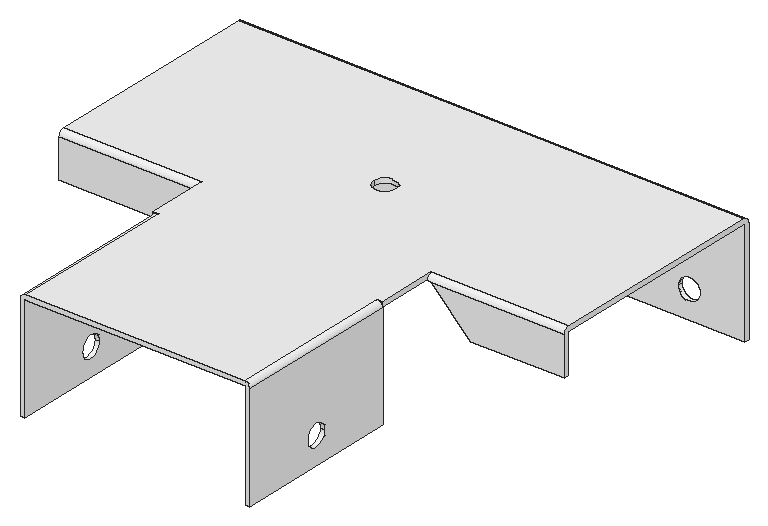
Revit family "newsq-tclip_4020", category 機械設備, Revit 2020
Family settings
  丸型コネクタ寸法 = 直径を使用
  種別 = なし
  パーツ タイプ = 標準
  作業面ベース = いいえ
  常に垂直 = はい
  ロード時にボイドで切り取り = いいえ
  共有 = いいえ
  部屋計算ポイント = いいえ
Parameters
  製造元 = "株式会社桐井製作所"
  既定の高さ = 0 mm
  URL = "https://www.kirii.co.jp/"
  K_材質 = "溶融亜鉛めっき鋼板"
  K_品名 = "新SQ-Tクリップ4020用"
  K_名称 = "SQ-BAR関連部材"
  K_バージョン情報 = "20210524"
Reference planes
  plane 1 "中心(正面/背面)": y = 0
  plane 2: z = 0
  plane 3 "中心(左/右)": x = 0
Forms (mm)
  Extrusion 1, solid
    sketch origin (0, 0, 0) x (0, 1, 0) y (0, 0, 1)
      loop
        line (0.8, -7.2) -> (0.8, 0) -> (40.8, 0) -> (40.8, -19.2) -> (41.6, -19.2) -> (41.6, -0.2)
        arc (41.6, -0.2) -> (41.307, 0.507) -> (40.6, 0.8) r 1
        line (40.6, 0.8) -> (1, 0.8)
        arc (1, 0.8) -> (0.293, 0.507) -> (0, -0.2) r 1
        line (0, -0.2) -> (0, -7.2) -> (0.8, -7.2)
    from -45.75 to 45.75
  Extrusion 2, solid
    sketch origin (0, 0, 0) x (1, 0, 0) y (0, 0, 1)
      loop
        line (-20, -19.2) -> (-20, 0) -> (20, 0) -> (20, -19.2) -> (20.8, -19.2) -> (20.8, -0.2)
        arc (20.8, -0.2) -> (20.507, 0.507) -> (19.8, 0.8) r 1
        line (19.8, 0.8) -> (-19.8, 0.8)
        arc (-19.8, 0.8) -> (-20.507, 0.507) -> (-20.8, -0.2) r 1
        line (-20.8, -0.2) -> (-20.8, -19.2) -> (-20, -19.2)
    from 40 to 10
  Extrusion 3, solid
    sketch origin (0, 0, 0) x (1, 0, 0) y (0, 0, 1)
      loop
        line (-20.8, 0) -> (20.8, 0) -> (20.8, 0.8) -> (-20.8, 0.8) -> (-20.8, 0)
    from 10 to -2.406
  Extrusion 4, void
    sketch origin (0, 0, 0) x (1, 0, 0) y (0, 0, 1)
      loop
        line (21.6, 0) -> (-21.6, 0) -> (-29.422, -7.822) -> (29.422, -7.822) -> (21.6, 0)
    from 0.231 to -1.03
  Extrusion 5, void
    sketch origin (0, 0, 10) x (0, 1, 0) y (0, 0, 1)
      loop
        circle (-25, -24.2) r 2
    from 20.8 to 20
  Extrusion 6, void
    sketch origin (-25.8, 0, 10) x (0, 1, 0) y (0, 0, 1)
      loop
        circle (-25, -24.2) r 2
    from 5.8 to 5
  Extrusion 7, void
    sketch origin (0, 0, 5) x (1, 0, 0) y (0, 0, 1)
      loop
        circle (-35.75, -19.2) r 2
      loop
        circle (35.75, -19.2) r 2
    from -40.8 to -41.6
  Extrusion 8, void
    sketch origin (0, 0, 0) x (1, 0, 0) y (0, 1, 0)
      loop
        circle (0, 16.6) r 2
    from 0.8 to 0
Cuts and joins
  Extrusion 4, Extrusion 6, Extrusion 7, Extrusion 8 cuts Extrusion 1
  Extrusion 4, Extrusion 5, Extrusion 6, Extrusion 8 cuts Extrusion 2
  Extrusion 4, Extrusion 6, Extrusion 8 cuts Extrusion 3
  joined: Extrusion 1, Extrusion 2, Extrusion 3
Dimensions and locks
  aligned and locked: level to plane 2
